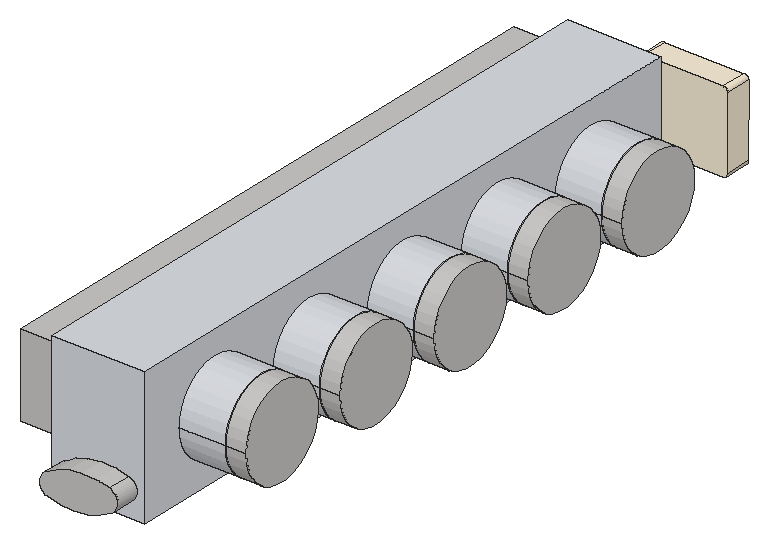
Revit family "HVAC_Ductwork_Airzone_Motorized-Plenum_Mitsubishi-Electric_Standard_5-Dampers", category Mechanical Equipment, Revit 2016
Family settings
  Part Type = Normal
  Round Connector Dimension = Use Diameter
  OmniClass Number = 23.75.70.14
  OmniClass Title = Air Ductwork
  Work Plane-Based = No
  Always vertical = Yes
  Cut with Voids When Loaded = No
  Shared = No
  Room Calculation Point = No
Parameters (values of type "MELST01L5")
  Voltage = 230 V
  URL = "www.airzone.es"
  Type Image Comments = "Image available in product documentation download"  # constant formula
  Revit Model Version = "1.0"  # constant formula
  Revit Model Author URL = "www.a3d.es"
  Revit Model Author = "A3D Consulting"  # constant formula
  Product Documentation Download URL = "http://doc.airzone.es/BIM/Easyzone/Mitsubishi_Electric-Airzone_motorized_plenum.zip"
  Product Comments = "Refer to technical documentation for further details"  # constant formula
  Power Factor = 1
  Neck Width = 1363.600 mm
  Neck Length = 95.000 mm
  Neck Height = 181.600 mm
  Material = Metal - AIRZONE - Galvanized Sheet - Semi-polished
  Main Control Board Material = Plastic - AIRZONE - Smooth - Off-white
  Load Classification = Other
  Insulated Body Width = 205.000 mm  # constant formula
  Insulated Body Material = Metal -AIRZONE - Insulating Lining -Aluminum Finish
  Insulated Body Length = 1425.000 mm  # constant formula
  Insulated Body Height = 300.000 mm  # constant formula
  Flow [instance] = Damper 5 Air Flow + Damper 4 Air Flow + Damper 3 Air Flow + Damper 2 Air Flow + Damper 1 Air Flow - Fresh Air Inlet 2 Flow - Fresh Air Inlet 1 Flow  # 1500 m³/h
  Fresh Air Inlet 1 Flow [instance] = 0 m³/h
  Fresh Air Inlet 2 Flow [instance] = 0 m³/h
  Fresh Air Inlet Connection Width = 175.000 mm
  Fresh Air Inlet Connection Height = 75.000 mm
  Model = "MELST01L5"
  Neck Side Offset = 30.700 mm
  Neck Bottom Offset = 85.200 mm
  Type Image = <None>
  Manufacturer = "AIRZONE"  # constant formula
  Main Control Board Depth = 57.000 mm  # constant formula
  Main Control Board Width = 195.000 mm  # constant formula
  Main Control Board Height = 180.000 mm  # constant formula
  Fixing = ""
  Disclaimer = "All information provided in this model is reviewed before being published. However, Airzone cannot guarantee this model is error-free, therefore users are strongly encouraged to check for technical documentation and updates"  # constant formula
  Description = "Airzone standard motorized plenum with neck that mechanically adapts to the main ducted AC units of Mitsubishi Electric."
  Type Comments = ""
  Dampers Length = 149.000 mm  # constant formula
  Dampers Diameter = 200.000 mm  # constant formula
  Damper 5 Air Flow [instance] = 300 m³/h
  Damper 4 Air Flow [instance] = 300 m³/h
  Damper 1 Air Flow [instance] = 300 m³/h
  Damper 2 Air Flow [instance] = 300 m³/h
  Damper 3 Air Flow [instance] = 300 m³/h
  Fresh Air Inlet Connection Offset Height = 48.305 mm  # constant formula
  Compatible Accesories = ""
  Apparent Load = 57.5 VA
Types (4, lengths in mm): name | Neck Width | Model | Neck Side Offset
  MELST01L5 | 1363.600 | "MELST01L5" | 30.700
  MELST01M5 | 1063.600 | "MELST01M5" | 180.700
  MELST01S5 | 863.600 | "MELST01S5" | 280.700
  MELST01XS5 | 663.600 | "MELST01XS5" | 380.700
Reference planes
  plane 1 "Center (Front/Back)": y = 0
  plane 2 "Center (Elevation)": z = 0
  plane 3 "Center (Left/Right)": x = 0
  plane 4 "Neck Back": y = 681.8
  plane 5 "Neck Front": y = -681.8
  plane 6 "Neck Top": z = 90.8
  plane 7 "Neck Bottom": z = -90.8
  plane 8 "Left": x = 95
  plane 9 "Bottom": z = -176
  plane 10 "Top": z = 124
  plane 11 "Front": y = -712.5
  plane 12 "Back": y = 712.5
  plane 13 "Right": x = 300
  plane 14 "Dampers Front": x = 449
  plane 15 "Dampers Center (Elevation)": z = -26
  plane 16 "Damper3": y = 0
  plane 17 "Damper2": y = 260
  plane 18 "Damper1": y = 520
  plane 19 "Middle": y = 0
  plane 20 "FreshAir Center (Elevation)": z = -127.695
  plane 21 "FreshAir1": y = 765
  plane 22 "FreshAir2": y = -765
  plane 23 "Dampers Lining": x = 404
  plane 24 "FreshAir Vertical Axis": x = 195.83
  plane 25 "ConnectionBox Side": x = 254
  plane 26 "Main Control Board Center (Left/Right)": x = 351.5
  plane 27 "Damper4": y = -260
  plane 28 "Damper5": y = -520
Forms (mm)
  Extrusion 1, solid, material "Metal - AIRZONE - Galvanized Sheet - Semi-polished" <- "Material"
    sketch origin (0, 0, 0) x (0, 1, 0) y (0, 0, 1)
      loop
        line (-681.8, 90.8) -> (-681.8, -90.8) -> (681.8, -90.8) -> (681.8, 90.8) -> (-681.8, 90.8)
    from 0 to 95
  Extrusion 2, solid, material "Metal -AIRZONE - Insulating Lining -Aluminum Finish" <- "Insulated Body Material"
    sketch origin (95, 0, 0) x (0, 1, 0) y (0, 0, 1)
      loop
        line (-712.5, 124) -> (-712.5, -176) -> (712.5, -176) -> (712.5, 124) -> (-712.5, 124)
    from 0 to 205
  Extrusion 3, solid, material "Metal - AIRZONE - Galvanized Sheet - Semi-polished" <- "Material"
    sketch origin (300, 0, 0) x (0, 1, 0) y (0, 0, 1)
      loop
        circle (0, -26) r 100
    from 104 to 149
  Extrusion 4, solid, material "Metal - AIRZONE - Galvanized Sheet - Semi-polished" <- "Material"
    sketch origin (300, 0, 0) x (0, 1, 0) y (0, 0, 1)
      loop
        circle (260, -26) r 100
    from 104 to 149
  Extrusion 5, solid, material "Metal - AIRZONE - Galvanized Sheet - Semi-polished" <- "Material"
    sketch origin (300, 0, 0) x (0, 1, 0) y (0, 0, 1)
      loop
        circle (520, -26) r 100
    from 104 to 149
  Extrusion 6, solid, material "Metal - AIRZONE - Galvanized Sheet - Semi-polished" <- "Material"
    sketch origin (0, -712.5, 0) x (0, 0, 1) y (1, 0, 0)
      loop
        arc (-95.141, 265.204) -> (-116.608, 282.105) -> (-141.312, 270.434) r 25.96
        arc (-141.312, 270.434) -> (-167.302, 200.598) -> (-159.849, 126.456) r 164.67
        arc (-159.849, 126.456) -> (-138.665, 109.589) -> (-113.994, 120.751) r 25.96
        arc (-113.994, 120.751) -> (-87.725, 190.78) -> (-95.141, 265.204) r 164.67
    from 0 to -52.5
  Extrusion 7, solid, material "Metal - AIRZONE - Galvanized Sheet - Semi-polished" <- "Material"
    sketch origin (0, 712.5, 0) x (0, 0, 1) y (1, 0, 0)
      loop
        arc (-95.141, 265.204) -> (-116.325, 282.071) -> (-140.996, 270.909) r 25.96
        arc (-140.996, 270.909) -> (-167.179, 201.53) -> (-160.267, 127.699) r 164.67
        arc (-160.267, 127.699) -> (-139.032, 109.637) -> (-113.678, 121.226) r 25.96
        arc (-113.678, 121.226) -> (-87.688, 191.062) -> (-95.141, 265.204) r 164.67
    from 0 to 52.5
  Extrusion 8, solid, material "Metal -AIRZONE - Insulating Lining -Aluminum Finish" <- "Insulated Body Material"
    sketch origin (300, 0, 0) x (0, 1, 0) y (0, 0, 1)
      loop
        circle (520, -26) r 100
    from 0 to 104
  Extrusion 9, solid, material "Metal -AIRZONE - Insulating Lining -Aluminum Finish" <- "Insulated Body Material"
    sketch origin (300, -260, 0) x (0, 1, 0) y (0, 0, 1)
      loop
        circle (520, -26) r 100
    from 0 to 104
  Extrusion 10, solid, material "Metal -AIRZONE - Insulating Lining -Aluminum Finish" <- "Insulated Body Material"
    sketch origin (300, -520, 0) x (0, 1, 0) y (0, 0, 1)
      loop
        circle (520, -26) r 100
    from 0 to 104
  Extrusion 11, solid, material "Metal - AIRZONE - Galvanized Sheet - Semi-polished" <- "Material"
    sketch origin (300, -190, 0) x (0, 1, 0) y (0, 0, 1)
      loop
        circle (-70, -26) r 100
    from 104 to 149
  Extrusion 12, solid, material "Metal -AIRZONE - Insulating Lining -Aluminum Finish" <- "Insulated Body Material"
    sketch origin (300, -710, 0) x (0, 1, 0) y (0, 0, 1)
      loop
        circle (450, -26) r 100
    from 0 to 104
  Extrusion 13, solid, material "Metal -AIRZONE - Insulating Lining -Aluminum Finish" <- "Insulated Body Material"
    sketch origin (300, -970, 0) x (0, 1, 0) y (0, 0, 1)
      loop
        circle (450, -26) r 100
    from 0 to 104
  Extrusion 14, solid, material "Metal - AIRZONE - Galvanized Sheet - Semi-polished" <- "Material"
    sketch origin (300, -450, 0) x (0, 1, 0) y (0, 0, 1)
      loop
        circle (-70, -26) r 100
    from 104 to 149
Lines and regions (mm)
  Masking region 1
    outline origin (0, 0, 0) x (1, 0, 0) y (0, 1, 0)
      loop
        line (95, 712.5) -> (95, -712.5) -> (300, -712.5) -> (300, 712.5) -> (95, 712.5)
  Masking region 2, detail levels medium+fine
    outline origin (0, 0, 0) x (1, 0, 0) y (0, 1, 0)
      loop
        line (0, 681.8) -> (0, -681.8) -> (95, -681.8) -> (95, 681.8) -> (0, 681.8)
  Masking region 3, detail levels medium+fine
    outline origin (0, 0, 0) x (1, 0, 0) y (0, 1, 0)
      loop
        line (300, 100) -> (300, -100) -> (449, -100) -> (449, 100) -> (300, 100)
  Masking region 4, detail levels medium+fine
    outline origin (0, 260, 0) x (1, 0, 0) y (0, 1, 0)
      loop
        line (300, 100) -> (300, -100) -> (449, -100) -> (449, 100) -> (300, 100)
  Masking region 5, detail levels medium+fine
    outline origin (0, 520, 0) x (1, 0, 0) y (0, 1, 0)
      loop
        line (300, 100) -> (300, -100) -> (449, -100) -> (449, 100) -> (300, 100)
  Masking region 6, detail levels medium+fine
    outline origin (0, 0, -127.695) x (1, 0, 0) y (0, 1, 0)
      loop
        line (108.33, 765) -> (108.33, 712.5) -> (283.33, 712.5) -> (283.33, 765) -> (108.33, 765)
  Masking region 7, detail levels medium+fine
    outline origin (0, 0, -127.695) x (1, 0, 0) y (0, 1, 0)
      loop
        line (108.33, -712.5) -> (108.33, -765) -> (283.33, -765) -> (283.33, -712.5) -> (108.33, -712.5)
  Masking region 8, detail levels medium+fine
    outline origin (0, 0, 124) x (0, -1, 0) y (1, 0, 0)
      loop
        line (-769.5, 254) -> (-712.5, 254) -> (-712.5, 449) -> (-769.5, 449) -> (-769.5, 254)
  Masking region 9, detail levels medium+fine
    outline origin (0, -190, 0) x (1, 0, 0) y (0, 1, 0)
      loop
        line (300, 30) -> (300, -170) -> (449, -170) -> (449, 30) -> (300, 30)
  Masking region 10, detail levels medium+fine
    outline origin (0, -450, 0) x (1, 0, 0) y (0, 1, 0)
      loop
        line (300, 30) -> (300, -170) -> (449, -170) -> (449, 30) -> (300, 30)
  symbolic lines, detail levels coarse
    curve 1: line (95, -712.5, 0) -> (300, 0, 0)
    curve 2: line (300, 0, 0) -> (95, 712.5, 0)
Dimensions and locks
  equal spacing: plane 4 "Neck Back", plane 1 "Center (Front/Back)", plane 5 "Neck Front"
  "Neck Width": plane 4 "Neck Back" to plane 5 "Neck Front"
  equal spacing: plane 6 "Neck Top", level, plane 7 "Neck Bottom"
  "Neck Height": plane 6 "Neck Top" to plane 7 "Neck Bottom"
  "Neck Length": plane 3 "Center (Left/Right)" to plane 8 "Left"
  "Neck Bottom Offset": plane 7 "Neck Bottom" to plane 9 "Bottom"
  "Insulated Body Height": plane 10 "Top" to plane 9 "Bottom"
  "Insulated Body Length": plane 12 "Back" to plane 11 "Front"
  "Insulated Body Width": plane 8 "Left" to plane 13 "Right"
  "Dampers Length": plane 13 "Right" to plane 14 "Dampers Front"
  equal spacing: plane 10 "Top", plane 15 "Dampers Center (Elevation)", plane 9 "Bottom"
  equal spacing: plane 12 "Back", plane 19 "Middle", plane 11 "Front"
  plane 8 "Left" to plane 13 "Right" = 205.000 mm
  "Fresh Air Inlet Connection Offset Height": plane 20 "FreshAir Center (Elevation)" to plane 9 "Bottom"
  locked: Extrusion 6 sketch curve to plane 9 "Bottom" at 56.47
  locked: plane 13 "Right" to Extrusion 6 sketch curve at 43.69
  locked: plane 13 "Right" to Extrusion 6 sketch curve at 164.65
  locked: Extrusion 6 sketch curve to plane 9 "Bottom" at 40.54
  locked: plane 13 "Right" to Extrusion 6 sketch curve at 87.91
  locked: plane 9 "Bottom" to Extrusion 6 sketch curve at 75.01
  locked: plane 13 "Right" to Extrusion 6 sketch curve at 120.43
  locked: Extrusion 6 sketch curve to plane 9 "Bottom" at 172.02
  locked: plane 13 "Right" to Extrusion 7 sketch curve at 43.69
  locked: Extrusion 7 sketch curve to plane 9 "Bottom" at 56.47
  locked: Extrusion 7 sketch curve to plane 9 "Bottom" at 40.54
  locked: plane 13 "Right" to Extrusion 7 sketch curve at 164.65
  locked: plane 13 "Right" to Extrusion 7 sketch curve at 120.43
  locked: Extrusion 7 sketch curve to plane 9 "Bottom" at 172.02
  locked: plane 9 "Bottom" to Extrusion 7 sketch curve at 75.01
  locked: plane 13 "Right" to Extrusion 7 sketch curve at 87.91
  "Neck Side Offset": plane 12 "Back" to plane 4 "Neck Back"
  locked: plane 21 "FreshAir1" to plane 12 "Back" at 52.5
  plane 11 "Front" to plane 22 "FreshAir2" = 52.500 mm
  locked: connector elem to plane 13 "Right" at 104.17
  locked: plane 20 "FreshAir Center (Elevation)" to connector elem
  locked: plane 13 "Right" to connector elem at 104.17
  locked: connector elem to plane 20 "FreshAir Center (Elevation)"
  locked: plane 23 "Dampers Lining" to plane 14 "Dampers Front" at 45
  locked: plane 24 "FreshAir Vertical Axis" to plane 13 "Right" at 104.17
  equal spacing: Masking region 3 sketch curve, plane 16 "Damper3", Masking region 3 sketch curve
  "Dampers Diameter": Masking region 3 sketch curve to Masking region 3 sketch curve
  "Dampers Diameter": Masking region 4 sketch curve to Masking region 4 sketch curve
  equal spacing: Masking region 5 sketch curve, plane 18 "Damper1", Masking region 5 sketch curve
  "Dampers Diameter": Masking region 5 sketch curve to Masking region 5 sketch curve
  equal spacing: Masking region 6 sketch curve, plane 24 "FreshAir Vertical Axis", Masking region 6 sketch curve
  "Fresh Air Inlet Connection Width": Masking region 6 sketch curve to Masking region 6 sketch curve
  equal spacing: Masking region 7 sketch curve, plane 24 "FreshAir Vertical Axis", Masking region 7 sketch curve
  "Fresh Air Inlet Connection Width": Masking region 7 sketch curve to Masking region 7 sketch curve
  "Main Control Board Depth": Masking region 8 sketch curve to plane 12 "Back"
  "Main Control Board Width": plane 25 "ConnectionBox Side" to plane 14 "Dampers Front"
  equal spacing: plane 25 "ConnectionBox Side", plane 26 "Main Control Board Center (Left/Right)", plane 14 "Dampers Front"
  locked: nested 1 to plane 10 "Top" at 10
  equal spacing: Masking region 4 sketch curve, plane 17 "Damper2", Masking region 4 sketch curve
  equal spacing: Masking region 9 sketch curve, plane 27 "Damper4", Masking region 9 sketch curve
  "Dampers Diameter": Masking region 9 sketch curve to Masking region 9 sketch curve
  plane 18 "Damper1" to plane 17 "Damper2" to plane 16 "Damper3" to plane 27 "Damper4" to plane 28 "Damper5" = 260.000 mm locked, 260.000 mm locked, 260.000 mm locked, 260.000 mm locked
  locked: plane 19 "Middle" to plane 16 "Damper3"
  equal spacing: Masking region 10 sketch curve, plane 28 "Damper5", Masking region 10 sketch curve
  "Dampers Diameter": Masking region 10 sketch curve to Masking region 10 sketch curve
  "Dampers Diameter": diameter of Extrusion 3 sketch curve
  "Dampers Diameter": diameter of Extrusion 4 sketch curve
  "Dampers Diameter": diameter of Extrusion 5 sketch curve
  radius of Extrusion 7 sketch curve = 164.670 mm  (x2)
  radius of Extrusion 7 sketch curve = 25.960 mm  (x2)
  radius of Extrusion 6 sketch curve = 164.670 mm  (x2)
  radius of Extrusion 6 sketch curve = 25.960 mm  (x2)
  "Dampers Diameter": diameter of Extrusion 8 sketch curve
  "Dampers Diameter": diameter of Extrusion 9 sketch curve
  "Dampers Diameter": diameter of Extrusion 10 sketch curve
  "Dampers Diameter": diameter of Extrusion 11 sketch curve
  "Dampers Diameter": diameter of Extrusion 12 sketch curve
  "Dampers Diameter": diameter of Extrusion 13 sketch curve
  "Dampers Diameter": diameter of Extrusion 14 sketch curve
  aligned and locked: level to plane 2 "Center (Elevation)"
  aligned and locked: plane 5 "Neck Front" to Extrusion 1 sketch curve
  aligned and locked: Extrusion 1 sketch curve to plane 6 "Neck Top"
  aligned and locked: Extrusion 1 sketch curve to plane 4 "Neck Back"
  aligned and locked: plane 7 "Neck Bottom" to Extrusion 1 sketch curve
  aligned and locked: Extrusion 1 to plane 3 "Center (Left/Right)"
  aligned and locked: Extrusion 2 sketch curve to plane 10 "Top"
  aligned and locked: Extrusion 2 sketch curve to plane 12 "Back"
  aligned and locked: plane 9 "Bottom" to Extrusion 2 sketch curve
  aligned and locked: plane 11 "Front" to Extrusion 2 sketch curve
  aligned and locked: plane 13 "Right" to Extrusion 2
  aligned and locked: Extrusion 2 to plane 8 "Left"
  aligned and locked: plane 16 "Damper3" to Extrusion 3 sketch curve
  aligned and locked: plane 15 "Dampers Center (Elevation)" to Extrusion 3 sketch curve
  aligned and locked: plane 15 "Dampers Center (Elevation)" to Extrusion 4 sketch curve
  aligned and locked: plane 18 "Damper1" to Extrusion 5 sketch curve
  aligned and locked: plane 15 "Dampers Center (Elevation)" to Extrusion 5 sketch curve
  aligned and locked: plane 14 "Dampers Front" to Extrusion 5
  aligned and locked: plane 14 "Dampers Front" to Extrusion 4
  aligned and locked: plane 14 "Dampers Front" to Extrusion 3
  aligned and locked: plane 8 "Left" to Extrusion 1
  aligned and locked: plane 22 "FreshAir2" to Extrusion 6
  aligned and locked: plane 21 "FreshAir1" to Extrusion 7
  aligned and locked: Extrusion 7 to plane 12 "Back"
  aligned and locked: plane 11 "Front" to Extrusion 6
  aligned and locked: Extrusion 5 to plane 23 "Dampers Lining"
  aligned and locked: Extrusion 5 to Extrusion 4
  aligned and locked: Extrusion 4 to Extrusion 3
  aligned and locked: plane 23 "Dampers Lining" to Extrusion 8
  aligned and locked: Extrusion 10 to plane 13 "Right"
  aligned and locked: plane 23 "Dampers Lining" to Extrusion 10
  aligned and locked: Extrusion 9 to plane 13 "Right"
  aligned and locked: plane 23 "Dampers Lining" to Extrusion 9
  aligned and locked: Extrusion 8 to plane 13 "Right"
  aligned and locked: Extrusion 9 to Extrusion 8
  aligned and locked: plane 18 "Damper1" to Extrusion 8 sketch curve
  aligned and locked: plane 15 "Dampers Center (Elevation)" to Extrusion 8 sketch curve
  aligned and locked: plane 15 "Dampers Center (Elevation)" to Extrusion 9 sketch curve
  aligned and locked: plane 16 "Damper3" to Extrusion 10 sketch curve
  aligned and locked: plane 15 "Dampers Center (Elevation)" to Extrusion 10 sketch curve
  aligned and locked: Masking region 1 sketch curve to plane 12 "Back"
  aligned and locked: plane 8 "Left" to Masking region 1 sketch curve
  aligned and locked: Masking region 1 sketch curve to plane 13 "Right"
  aligned and locked: plane 11 "Front" to Masking region 1 sketch curve
  aligned and locked: plane 5 "Neck Front" to Masking region 2 sketch curve
  aligned and locked: plane 3 "Center (Left/Right)" to Masking region 2 sketch curve
  aligned and locked: Masking region 2 sketch curve to plane 4 "Neck Back"
  aligned and locked: Masking region 2 sketch curve to plane 8 "Left"
  aligned and locked: plane 13 "Right" to Masking region 3 sketch curve
  aligned and locked: Masking region 3 sketch curve to plane 14 "Dampers Front"
  aligned and locked: plane 13 "Right" to Masking region 4 sketch curve
  aligned and locked: Masking region 4 sketch curve to plane 14 "Dampers Front"
  aligned and locked: plane 13 "Right" to Masking region 5 sketch curve
  aligned and locked: Masking region 5 sketch curve to plane 14 "Dampers Front"
  aligned and locked: plane 12 "Back" to Masking region 6 sketch curve
  aligned and locked: Masking region 6 sketch curve to plane 21 "FreshAir1"
  aligned and locked: Masking region 7 sketch curve to plane 11 "Front"
  aligned and locked: Masking region 7 sketch curve to plane 22 "FreshAir2"
  aligned and locked: plane 12 "Back" to Masking region 8 sketch curve
  aligned and locked: Masking region 8 sketch curve to plane 14 "Dampers Front"
  aligned and locked: plane 25 "ConnectionBox Side" to Masking region 8 sketch curve
  aligned and locked: plane 17 "Damper2" to Extrusion 9 sketch curve
  aligned and locked: plane 17 "Damper2" to Extrusion 4 sketch curve
  aligned and locked: Masking region 9 sketch curve to plane 14 "Dampers Front"
  aligned and locked: plane 13 "Right" to Masking region 9 sketch curve
  aligned and locked: Extrusion 12 to plane 13 "Right"
  aligned and locked: plane 23 "Dampers Lining" to Extrusion 12
  aligned and locked: Extrusion 11 to plane 23 "Dampers Lining"
  aligned and locked: plane 14 "Dampers Front" to Extrusion 11
  aligned and locked: plane 15 "Dampers Center (Elevation)" to Extrusion 12 sketch curve
  aligned and locked: plane 27 "Damper4" to Extrusion 12 sketch curve
  aligned and locked: plane 15 "Dampers Center (Elevation)" to Extrusion 11 sketch curve
  aligned and locked: plane 27 "Damper4" to Extrusion 11 sketch curve
  aligned and locked: Masking region 10 sketch curve to plane 14 "Dampers Front"
  aligned and locked: plane 13 "Right" to Masking region 10 sketch curve
  aligned and locked: plane 28 "Damper5" to Extrusion 13 sketch curve
  aligned and locked: plane 15 "Dampers Center (Elevation)" to Extrusion 13 sketch curve
  aligned and locked: Extrusion 14 to plane 23 "Dampers Lining"
  aligned and locked: plane 14 "Dampers Front" to Extrusion 14
  aligned and locked: plane 15 "Dampers Center (Elevation)" to Extrusion 14 sketch curve
  aligned and locked: plane 28 "Damper5" to Extrusion 14 sketch curve
  aligned and locked: nested 1 to plane 26 "Main Control Board Center (Left/Right)"
Automatic sketch dimensions
  curve 2 to plane 8 "Left" = 0.000 mm
  curve 1 to plane 8 "Left" = 0.000 mm
  curve 2 to plane 13 "Right" = 0.000 mm
  curve 1 to plane 11 "Front" = 0.000 mm
  curve 2 to plane 16 "Damper3" = 0.000 mm
  curve 2 to plane 12 "Back" = 0.000 mm
Nested families
  nested 1: "Airzone_Main-Control-Board" at (351.5, 712.5, 24) x (-1, 0, 0) z (0, 1, 0), Extrusion <- "Main Control Board Depth", Height <- "Main Control Board Height", Width <- "Main Control Board Width", Material <- "Main Control Board Material", type "Standard"
    with Width 195.000 mm, Material Plastic - AIRZONE - Smooth - Off-white, Height 180.000 mm, Extrusion 57.000 mm
Connectors
  hvac at (449, 0, -26), driven by "Damper 3 Air Flow", driven by "Dampers Diameter"
    settings: on Extrusion 3, index 1, duct flow 300 m³/h, flow factor 0, pres drop 0.0 Pa, loss coef 0, conn angle 0.00°, conn width 304.8 mm, conn height 304.8 mm, conn diameter 200 mm, duct sys type 1, conn prof type 0, flow config 0, flow direction 2, loss method 0, conn ref index -1, conn util no, is conn primary no, conn desc "Supply Air Out 3"
  hvac at (449, 260, -26), driven by "Damper 2 Air Flow", driven by "Dampers Diameter"
    settings: on Extrusion 4, index 2, duct flow 300 m³/h, flow factor 0, pres drop 0.0 Pa, loss coef 0, conn angle 0.00°, conn width 304.8 mm, conn height 304.8 mm, conn diameter 200 mm, duct sys type 1, conn prof type 0, flow config 0, flow direction 2, loss method 0, conn ref index -1, conn util no, is conn primary no, conn desc "Supply Air Out 2"
  hvac at (449, 520, -26), driven by "Damper 1 Air Flow", driven by "Dampers Diameter"
    settings: on Extrusion 5, index 3, duct flow 300 m³/h, flow factor 0, pres drop 0.0 Pa, loss coef 0, conn angle 0.00°, conn width 304.8 mm, conn height 304.8 mm, conn diameter 200 mm, duct sys type 1, conn prof type 0, flow config 0, flow direction 2, loss method 0, conn ref index -1, conn util no, is conn primary no, conn desc "Supply Air Out 1"
  hvac at (0, 0, 0), driven by "Flow", driven by "Neck Height", driven by "Neck Width"
    settings: on Extrusion 1, index 6, duct flow 1500 m³/h, flow factor 0, pres drop 0.0 Pa, loss coef 0, conn angle 0.00°, conn width 1363.6 mm, conn height 181.6 mm, conn diameter 609.6 mm, duct sys type 1, conn prof type 1, flow config 1, flow direction 1, loss method 0, conn ref index -1, conn util no, is conn primary yes, conn desc "Supply Air In"
  hvac at (195.83, -765, -127.695), driven by "Fresh Air Inlet 2 Flow", driven by "Fresh Air Inlet Connection Width", driven by "Fresh Air Inlet Connection Height"
    settings: index 7, duct flow 0 m³/h, flow factor 0, pres drop 0.0 Pa, loss coef 0, conn angle 0.00°, conn width 175 mm, conn height 75 mm, conn diameter 609.6 mm, duct sys type 1, conn prof type 2, flow config 1, flow direction 1, loss method 0, conn ref index -1, conn util no, is conn primary no, conn desc "Fresh Air In 2"
  hvac at (195.83, 765, -127.695), driven by "Fresh Air Inlet 1 Flow", driven by "Fresh Air Inlet Connection Height", driven by "Fresh Air Inlet Connection Width"
    settings: index 8, duct flow 0 m³/h, flow factor 0, pres drop 0.0 Pa, loss coef 0, conn angle 0.00°, conn width 175 mm, conn height 75 mm, conn diameter 609.6 mm, duct sys type 1, conn prof type 2, flow config 1, flow direction 1, loss method 0, conn ref index -1, conn util no, is conn primary no, conn desc "Fresh Air In 1"
  hvac at (449, -260, -26), driven by "Damper 4 Air Flow", driven by "Dampers Diameter"
    settings: on Extrusion 11, index 9, duct flow 300 m³/h, flow factor 0, pres drop 0.0 Pa, loss coef 0, conn angle 0.00°, conn width 304.8 mm, conn height 304.8 mm, conn diameter 200 mm, duct sys type 1, conn prof type 0, flow config 0, flow direction 2, loss method 0, conn ref index -1, conn util no, is conn primary no, conn desc "Supply Air Out 4"
  hvac at (449, -520, -26), driven by "Damper 5 Air Flow", driven by "Dampers Diameter"
    settings: on Extrusion 14, index 10, duct flow 300 m³/h, flow factor 0, pres drop 0.0 Pa, loss coef 0, conn angle 0.00°, conn width 304.8 mm, conn height 304.8 mm, conn diameter 200 mm, duct sys type 1, conn prof type 0, flow config 0, flow direction 2, loss method 0, conn ref index -1, conn util no, is conn primary no, conn desc "Supply Air Out 5"
  electrical at (351.5, 769.5, 24), driven by "Load Classification", driven by "Voltage", driven by "Apparent Load", driven by "Power Factor"
    settings: on nested 1, index 11, voltage 230 V, apparent load 57.5 VA, apparent load phase1 0 VA, apparent load phase2 0 VA, apparent load phase3 0 VA, power factor 1, load classification "Other", number of poles 1, system type 30, power factor state 1, is connector primary yes, connector utility no, sub classification motor no, connector description "Power Supply"
Definition of nested family "Airzone_Main-Control-Board"
  Parameters (values of type "Standard")
    Width [instance] = 195.000 mm
    URL = "www.airzone.es"
    Revit Model Version = "1.0"  # constant formula
    Revit Model Author URL = "www.a3d.es"
    Revit Model Author = "A3D Consulting"  # constant formula
    Material [instance] = none
    Manufacturer = "AIRZONE"  # constant formula
    Height [instance] = 180.000 mm
    Extrusion [instance] = 57.000 mm
    Default Elevation = 0.000 mm
  Reference planes
    plane 1 "Center (Front/Back)": y = 0
    plane 2: z = 0
    plane 3 "Center (Left/Right)": x = 0
    plane 4: y = 90
    plane 5: y = -90
    plane 6: x = 97.5
    plane 7: x = -97.5
  Forms (mm)
    Extrusion 1, solid, material <- "Material"
      sketch origin (0, 0, 0) x (1, 0, 0) y (0, 1, 0)
        loop
          arc (-87.5, 90) -> (-94.571, 87.071) -> (-97.5, 80) r 10
          line (-97.5, 80) -> (-97.5, -80)
          arc (-97.5, -80) -> (-94.571, -87.071) -> (-87.5, -90) r 10
          line (-87.5, -90) -> (87.5, -90)
          arc (87.5, -90) -> (94.571, -87.071) -> (97.5, -80) r 10
          line (97.5, -80) -> (97.5, 80)
          arc (97.5, 80) -> (94.571, 87.071) -> (87.5, 90) r 10
          line (87.5, 90) -> (-87.5, 90)
      from 0 to 57 <- "Extrusion"
  Dimensions and locks
    equal spacing: plane 7, plane 3 "Center (Left/Right)", plane 6
    equal spacing: plane 4, plane 1 "Center (Front/Back)", plane 5
    "Width": plane 7 to plane 6
    "Height": plane 4 to plane 5
    radius of Extrusion 1 sketch curve = 10.000 mm  (x4)
    aligned and locked: level to plane 2
    aligned and locked: plane 5 to Extrusion 1 sketch curve
    aligned and locked: Extrusion 1 sketch curve to plane 6
    aligned and locked: Extrusion 1 sketch curve to plane 4
    aligned and locked: plane 7 to Extrusion 1 sketch curve
